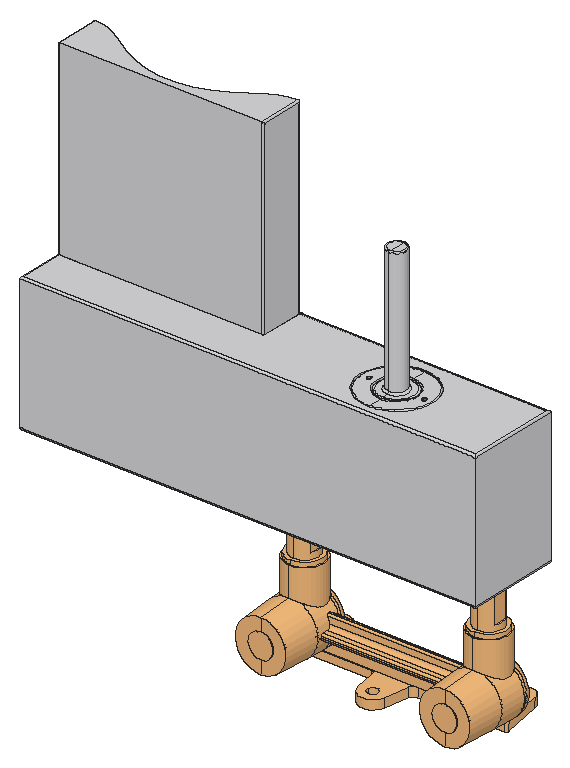
Revit family "Faucet-Wall_Mount-Lavatory-KOHLER-Beitou-K-99876IN-1", category Plumbing Fixtures, host Face, Revit 2017
Family settings
  Host = Face
  Round Connector Dimension = Use Diameter
  Part Type = Normal
  OmniClass Number = 23.31.11.00
  Cut with Voids When Loaded = No
  Shared = No
  Room Calculation Point = No
Parameters (values of type "CP- Polished Chrome")
  Width = 9 11/64"  # constant formula
  WaterSense Certified = 1 = 0  # no
  Waste Water Outlet = "Waste Water Outlet"  # constant formula
  Waste Connection = 1 = 0  # no
  Vent Connection = 1 = 0  # no
  URL = "https://www.kohler.co.in/"
  Type = 1
  Spout Reach = 0"
  Product Page URL = "https://www.kohler.co.in/product-detail/99876in-4nd?skuid=K-99876IN-4ND-CP"
  Product Name = "BEITOU"  # constant formula
  Product Documentation Link = ""
  Pressure = 45.00 psi  # constant formula
  Model = "K-99876IN-4ND-CP"  # constant formula
  Material = "Premium Metal Construction"  # constant formula
  Master Format 2014 Name = "Residential Faucets, Supplies, and Trim"  # constant formula
  Master Format 2014 = "22 41 39"  # constant formula
  Manufacturer Address = "Ambience Office Tower NH-8 Gurgaon / Gurugram Haryana , 122001"  # constant formula
  Manufacturer = "KOHLER Co."  # constant formula
  Length = 6 147/256"  # constant formula
  Hot Water Inlet = "Hot Water Inlet"  # constant formula
  Height = 1 223/256"  # constant formula
  Handle Clearance = 3 15/16"  # constant formula
  HW Connection = 1 = 1  # yes
  Flow Rate = 2.12 GPM  # constant formula
  Finish = Kohler-Metal-CP-Polished_Chrome
  Faucet Hole Spacing = 0"
  Environmental Product Declaration = ""
  Drain Included = 1 = 0  # no
  Description = " Beitou Wall Mount Lavatory Faucet"  # constant formula
  Default Elevation = 36"
  Declare Label = ""
  Date Modified = "10/29/2020"  # constant formula
  Date Created = "10/29/2020"  # constant formula
  Copyright = "Copyright KOHLER Co."  # constant formula
  Contact Us = "https://www.kohler.co.in/contact-us"
  Cold Water Inlet = "Cold Water Inlet"  # constant formula
  CW Connection = 1 = 1  # yes
  Assembly Code = "D2010"
  ADA Compliant = 1 = 0  # no
Reference planes (in)
  plane 1 "Center (Front/Back)": y = 0
  plane 2: z = 0
  plane 3 "Center (Left/Right)": x = 0
  plane 4: y = -0.90551
  plane 5: x = -6.84904
  plane 6: x = -1.85039
  plane 7: x = 1.85039
  plane 8: y = 0.1378
  plane 9: z = 6.57422
  plane 10: z = 5.31496
  plane 11: z = 2.75591
  plane 12: z = -2.04724
  plane 13: y = 0.96558
  plane 14: z = -2.61809
  plane 15: z = 1.37746
  plane 16: x = 2.32283
  plane 17: x = -2.71654
Forms (in)
  Extrusion 1, void
    sketch origin (0, 0, 0) x (1, 0, 0) y (0, 0, 1)
      loop
        arc (-2.2509, -1.63022) -> (-2.42845, -2.03715) -> (-2.26547, -2.45013) r 0.57876
        line (-2.26547, -2.45013) -> (-2.26547, -2.61809) -> (2.26643, -2.61809) -> (2.26643, -2.45013)
        arc (2.26643, -2.45013) -> (2.42941, -2.03715) -> (2.25187, -1.63022) r 0.57876
        line (2.25187, -1.63022) -> (2.25187, -0.90549) -> (2.20662, -0.90549) -> (2.20662, 0.41674) -> (-2.20552, 0.41674) -> (-2.20552, -0.90549) -> (-2.2509, -0.90549) -> (-2.2509, -1.63022)
    from -0.9409 to 0.8889
Dimensions and locks (in)
  "Width": plane 5 to plane 16
  "Height": plane 13 to plane 4
  plane 3 "Center (Left/Right)" to plane 16 = 2.32283"
  plane 4 to plane 8 = 1.04331"
  "Length": level to plane 9
  level to plane 12 = 2.04724"  (x2)
  level to plane 14 = 2.61809"  (x2)
  level to plane 10 = 5.31496"
  plane 13 to plane 4 = 1 223/256"
  "Handle Clearance": plane 10 to plane 15
  plane 5 to plane 16 = 9 11/64"
  plane 9 to level = 6 147/256"
  plane 6 to plane 7 = 3.70079"
  plane 16 to plane 3 "Center (Left/Right)" = 2.32283"
  plane 5 to plane 17 = 4.1325"
  level to plane 11 = 2.75591"
  aligned and locked: plane 2 to host face
  aligned and locked: level to host face
  aligned and locked: nested 1 to plane 1 "Center (Front/Back)"
  aligned and locked: plane 3 "Center (Left/Right)" to nested 1
Automatic sketch dimensions
  host sketch curve to host sketch curve = 96"  (x2)
  Extrusion 1 sketch curve to plane 14 = 0"
  plane 6 to Extrusion 1 sketch curve = 0.41507"
  plane 6 to Extrusion 1 sketch curve = 0.40051"
  plane 6 to Extrusion 1 sketch curve = 0.35513"
  Extrusion 1 sketch curve to plane 6 = 0.00062"
  Extrusion 1 sketch curve to plane 7 = 0.00034"
  plane 16 to Extrusion 1 sketch curve = 0.11622"
  plane 16 to Extrusion 1 sketch curve = 0.07097"
  plane 16 to Extrusion 1 sketch curve = 0.05641"
  plane 14 to Extrusion 1 sketch curve = 43/256"  (x2)
  plane 12 to Extrusion 1 sketch curve = 0.00018"  (x2)
  Extrusion 1 sketch curve to Extrusion 1 sketch curve = 0.72472"  (x2)
  level to Extrusion 1 sketch curve = 0.41674"
Nested families (in)
  nested 1: "K-99876IN" at (0, 0, 0) x (1, 0, 0) z (0, 1, 0), type "K-99876IN"
Connectors (in)
  piping at (-1.85039, -1.10568, -2.04724), diameter 0.5, driven by "Flow Rate", driven by "Pressure", driven by "HW Connection", driven by "Hot Water Inlet"
    settings: on nested 1, index 1, connector inside diameter 24", connector length 0", flow factor 0, pipe flow 2.12 GPM, pressure drop 45.00 psi, fitting loss kfactor 0, connector angle 0.00°, fixture units 0, engagement length 0", angle of deflection 0.00°, flow configuration 1, flow direction 1, fitting loss method 4, system type 19, joint type 0, gender type 0, connector reference index -1, connector utility 1, adjustable connector no, is connector primary yes, connector description "Hot Water Inlet"
  piping at (1.85039, -1.10568, -2.04724), diameter 0.5, driven by "Flow Rate", driven by "Pressure", driven by "CW Connection", driven by "Cold Water Inlet"
    settings: on nested 1, index 2, connector inside diameter 24", connector length 0", flow factor 0, pipe flow 2.12 GPM, pressure drop 45.00 psi, fitting loss kfactor 0, connector angle 0.00°, fixture units 0, engagement length 0", angle of deflection 0.00°, flow configuration 1, flow direction 1, fitting loss method 4, system type 20, joint type 0, gender type 0, connector reference index -1, connector utility 1, adjustable connector no, is connector primary no, connector description "Cold Water Inlet"
Definition of nested family "K-99876IN"
  Parameters (values of type "K-99876IN")
    Material = none
    Default Elevation = 48"
  Reference planes (in)
    plane 1 "Center (Front/Back)": y = 0
    plane 2: z = 0
    plane 3 "Center (Left/Right)": x = 0
    plane 4: y = -6.5748
    plane 5: y = -2.75591
    plane 6: y = -5.31496
    plane 7: y = 2.04724
    plane 8: x = 2.32283
    plane 9: x = -6.85039
    plane 10: x = -1.85039
    plane 11: x = 1.85039
    plane 12: z = -0.90551
    plane 13: z = 0.1378
    plane 14: z = 0
    plane 15: z = 0.96457
    plane 16: y = 2.61809
    plane 17: y = -1.378
    plane 18: x = -2.71654
  Forms (in)
    Extrusion 1, solid, material <- "Material", detail levels medium+fine
      sketch origin (0, 0, 0) x (1, 0, 0) y (0, 0, 1)
        loop
          line (2.28346, 0.9252) -> (-2.67717, 0.9252) -> (-2.67717, 0.04331) -> (-6.81102, 0.04331) -> (-6.81102, -0.86614) -> (2.28346, -0.86614) -> (2.28346, 0.9252)
      from 0 to 2.75591
    Sweep 2, solid, material <- "Material", detail levels medium+fine
      path origin (0, 0, 0) x (1, 0, 0) y (0, 0, 1)
        loop
          line (-2.67717, 0.9252) -> (-2.67717, 0.04331) -> (-6.81102, 0.04331) -> (-6.81102, -0.86614) -> (2.28346, -0.86614) -> (2.28346, 0.9252) -> (-2.67717, 0.9252)
      profile origin (2.28346, 0, 0.02953) x (0, -1, 0) y (1, 0, 0)
        loop
          arc (0.03934, 0.03937) -> (0.01151, 0.02784) -> (0, 0) r 0.03934
          line (0, 0) -> (2.75591, 0)
          arc (2.75591, 0) -> (2.74441, 0.02784) -> (2.7166, 0.03937) r 0.03931
          line (2.7166, 0.03937) -> (0.03934, 0.03937)
    Extrusion 3, void
      sketch origin (0, 0, 0) x (1, 0, 0) y (0, 0, 1)
        loop
          circle (-0.00248, -0.00053) r 0.73082
      from 2.48031 to 5.68054
    Revolve 4, solid, material <- "Material", detail levels medium+fine
      sketch origin (0, 0, 0) x (0, 1, 0) y (0, 0, 1)
        loop
          line (-5.31496, 0) -> (-2.71654, 0) -> (-2.71654, 0.41367) -> (-2.74219, 0.38801)
          arc (-2.74219, 0.38801) -> (-2.75234, 0.37282) -> (-2.75591, 0.3549) r 0.04683
          line (-2.75591, 0.3549) -> (-2.75591, 0.2276)
          arc (-2.75591, 0.2276) -> (-2.76722, 0.20029) -> (-2.79453, 0.18898) r 0.03862
          line (-2.79453, 0.18898) -> (-5.29469, 0.18898)
          arc (-5.29469, 0.18898) -> (-5.30902, 0.18304) -> (-5.31496, 0.16871) r 0.02027
          line (-5.31496, 0.16871) -> (-5.31496, 0)
        axis (-5.31496, 0) -> (-2.71654, 0)
      angle from 0 to 360
    Revolve 5, solid, material <- "Material", detail levels medium+fine
      sketch origin (0, 0, 0) x (0, 1, 0) y (0, 0, 1)
        loop
          line (-2.6901, 0.43837) -> (-2.6901, 0.72493) -> (-2.73282, 0.72493)
          arc (-2.73282, 0.72493) -> (-2.74914, 0.71816) -> (-2.75591, 0.70184) r 0.02308
          line (-2.75591, 0.70184) -> (-2.75591, 0.40999)
          arc (-2.75591, 0.40999) -> (-2.74634, 0.39566) -> (-2.72944, 0.39902) r 0.0155
          line (-2.72944, 0.39902) -> (-2.6901, 0.43837)
        axis (-2.75591, 0) -> (-2.6901, 0)
      angle from 0 to 360
    Extrusion 6, void
      sketch origin (0, 0, 0) x (1, 0, 0) y (0, 0, 1)
        loop
          circle (-0.55799, -0.00003) r 0.04149
      from 2.48031 to 3.02697
    Extrusion 7, solid, detail levels medium+fine
      sketch origin (0, 0, 0) x (1, 0, 0) y (0, 0, 1)
        loop
          circle (-0.55799, -0.00003) r 0.03989
      from 2.48031 to 2.75591
    Extrusion 8, void
      sketch origin (0, 0, 0) x (-1, 0, 0) y (0, 0, -1)
        loop
          circle (-0.55799, 0.00003) r 0.04149
      from 2.48031 to 3.02697
    Extrusion 9, solid, detail levels medium+fine
      sketch origin (0, 0, 0) x (-1, 0, 0) y (0, 0, -1)
        loop
          circle (-0.55799, 0.00003) r 0.03989
      from 2.48031 to 2.75591
    Extrusion 10, solid, material <- "Material", detail levels medium+fine
      sketch origin (0, 0, 0) x (0, 1, 0) y (0, 0, 1)
        loop
          line (-0.03937, 0.9252) -> (-6.53543, 0.9252) -> (-6.53543, 0.08268) -> (-0.03937, 0.08268) -> (-0.03937, 0.9252)
      from -6.85039 to -2.71654
    Sweep 11, solid, material <- "Material", detail levels medium+fine
      path origin (0, 0, 0) x (0, 1, 0) y (0, 0, 1)
        loop
          line (-6.53543, 0.9252) -> (-6.53543, 0.08268) -> (-0.03937, 0.08268) -> (-0.03937, 0.9252) -> (-6.53543, 0.9252)
      profile origin (0, -6.53543, 0.08268) x (0, -1, 0) y (1, 0, 0)
        loop
          line (0, -2.71654) -> (0, -6.85039)
          arc (0, -6.85039) -> (0.02784, -6.83887) -> (0.03937, -6.81103) r 0.03937
          line (0.03937, -6.81103) -> (0.03937, -2.75606)
          arc (0.03937, -2.75606) -> (0.02785, -2.72817) -> (0, -2.71654) r 0.03952
    Extrusion 12, void
      sketch origin (0, 0.01285, 0.0689) x (1, 0, 0) y (0, -0.017452, 0.999848)
        loop
          arc (-5.25292, 0.28987) -> (-4.78127, 0.23404) -> (-4.30962, 0.28987) r 2.02006
          arc (-4.30962, 0.28987) -> (-4.02272, 0.38385) -> (-3.75471, 0.52283) r 1.86779
          arc (-3.75471, 0.52283) -> (-3.4982, 0.68437) -> (-3.24259, 0.84733) r 54.96959
          arc (-3.24259, 0.84733) -> (-2.97394, 0.96657) -> (-2.68188, 0.99959) r 0.96696
          line (-2.68188, 0.99959) -> (-2.68188, 1.39329) -> (-6.90568, 1.39329) -> (-6.90568, 1.00077)
          arc (-6.90568, 1.00077) -> (-6.65772, 0.98084) -> (-6.42323, 0.8978) r 0.95881
          arc (-6.42323, 0.8978) -> (-6.30889, 0.83569) -> (-6.19808, 0.76747) r 2.39798
          arc (-6.19808, 0.76747) -> (-6.01254, 0.64759) -> (-5.82571, 0.52972) r 20.51443
          arc (-5.82571, 0.52972) -> (-5.54898, 0.3867) -> (-5.25292, 0.28987) r 1.93805
      from 0.86609 to 7.01633
    Extrusion 13, solid, material <- "Material", detail levels medium+fine
      sketch origin (0, 0, 0) x (1, 0, 0) y (0, 1, 0)
        loop
          line (-5.96457, -0.03937) -> (-5.96457, -1.04175)
          arc (-5.96457, -1.04175) -> (-5.80844, -1.41867) -> (-5.43151, -1.5748) r 0.53306
          line (-5.43151, -1.5748) -> (-4.14821, -1.5748)
          arc (-4.14821, -1.5748) -> (-3.76224, -1.41493) -> (-3.60236, -1.02895) r 0.54585
          line (-3.60236, -1.02895) -> (-3.60236, -0.03937) -> (-5.96457, -0.03937)
      from 0.83465 to 0.96457
    Extrusion 14, solid, material <- "Material", detail levels medium+fine
      sketch origin (0, 0, 0) x (1, 0, 0) y (0, 1, 0)
        loop
          arc (-5.19122, -1.45089) -> (-4.7767, -1.48122) -> (-4.36219, -1.45089) r 2.84822
          arc (-4.36219, -1.45089) -> (-3.94379, -1.30922) -> (-3.60236, -1.02895) r 1.23079
          line (-3.60236, -1.02895) -> (-3.60236, -0.86609) -> (-5.96457, -0.86609) -> (-5.96457, -1.04175)
          arc (-5.96457, -1.04175) -> (-5.61307, -1.31281) -> (-5.19122, -1.45089) r 1.30965
      from 0.16142 to 0.83465
    Extrusion 15, void
      sketch origin (0, 0, 0) x (1, 0, 0) y (0, 0, 1)
        loop
          line (-3.95671, 0.12472) -> (-3.95671, 0.41143)
          arc (-3.95671, 0.41143) -> (-3.94594, 0.42365) -> (-3.93588, 0.43647) r 0.28548
          line (-3.93588, 0.43647) -> (-4.06299, 0.43647) -> (-4.06299, 0.16221) -> (-4.09449, 0.16221) -> (-4.09449, 0.43647) -> (-4.24016, 0.43647) -> (-4.24016, 0.181) -> (-4.27165, 0.181) -> (-4.27165, 0.43647) -> (-4.41732, 0.43647) -> (-4.41732, 0.16221) -> (-4.44882, 0.16221) -> (-4.44882, 0.43647) -> (-4.59449, 0.43647) -> (-4.59449, 0.13871) -> (-4.62598, 0.13871) -> (-4.62598, 0.43647) -> (-4.77165, 0.43647) -> (-4.77165, 0.13871) -> (-4.80315, 0.13871) -> (-4.80315, 0.43647) -> (-4.94882, 0.43647) -> (-4.94882, 0.13871) -> (-4.98031, 0.13871) -> (-4.98031, 0.43647) -> (-5.12598, 0.43647) -> (-5.12598, 0.16221) -> (-5.15748, 0.16221) -> (-5.15748, 0.43647) -> (-5.30315, 0.43647) -> (-5.30315, 0.16221) -> (-5.33465, 0.16221) -> (-5.33465, 0.43647) -> (-5.50196, 0.43647) -> (-5.50196, 0.16221) -> (-5.53346, 0.16221) -> (-5.53346, 0.43647) -> (-5.62003, 0.43647)
          arc (-5.62003, 0.43647) -> (-5.61398, 0.41419) -> (-5.61194, 0.3912) r 0.1307
          line (-5.61194, 0.3912) -> (-5.61194, 0.12472) -> (-3.95671, 0.12472)
        loop
          line (-5.50196, 0.68351) -> (-5.50196, 0.58123) -> (-5.33465, 0.58123) -> (-5.33465, 0.70427)
          arc (-5.33465, 0.70427) -> (-5.41835, 0.69428) -> (-5.50196, 0.68351) r 9.03524
        loop
          line (-5.30315, 0.70783) -> (-5.30315, 0.58123) -> (-5.15748, 0.58123) -> (-5.15748, 0.72281)
          arc (-5.15748, 0.72281) -> (-5.23035, 0.71562) -> (-5.30315, 0.70783) r 9.03524
        loop
          arc (-5.61715, 0.66263) -> (-5.6312, 0.65331) -> (-5.6378, 0.6378) r 0.02935
          arc (-5.6378, 0.6378) -> (-5.64015, 0.60956) -> (-5.64093, 0.58123) r 0.51189
          line (-5.64093, 0.58123) -> (-5.53346, 0.58123) -> (-5.53346, 0.67866)
          arc (-5.53346, 0.67866) -> (-5.57573, 0.67286) -> (-5.61715, 0.66263) r 0.40432
        loop
          arc (-3.96381, 0.67618) -> (-4.01338, 0.68296) -> (-4.06299, 0.68947) r 9.03524
          line (-4.06299, 0.68947) -> (-4.06299, 0.58123) -> (-3.881, 0.58123)
          arc (-3.881, 0.58123) -> (-3.87992, 0.60953) -> (-3.88165, 0.6378) r 0.28548
          arc (-3.88165, 0.6378) -> (-3.88825, 0.65331) -> (-3.90229, 0.66263) r 0.02935
          arc (-3.90229, 0.66263) -> (-3.93279, 0.67061) -> (-3.96381, 0.67618) r 0.40432
        loop
          line (-5.12598, 0.72554) -> (-5.12598, 0.58123) -> (-4.98031, 0.58123) -> (-4.98031, 0.73537)
          arc (-4.98031, 0.73537) -> (-5.05319, 0.73107) -> (-5.12598, 0.72554) r 4.36044
        loop
          line (-4.94882, 0.73685) -> (-4.94882, 0.58123) -> (-4.80315, 0.58123) -> (-4.80315, 0.74074)
          arc (-4.80315, 0.74074) -> (-4.876, 0.7394) -> (-4.94882, 0.73685) r 4.36044
        loop
          line (-4.77165, 0.74094) -> (-4.77165, 0.58123) -> (-4.62598, 0.58123) -> (-4.62598, 0.7389)
          arc (-4.62598, 0.7389) -> (-4.69881, 0.74053) -> (-4.77165, 0.74094) r 4.36044
        loop
          line (-4.59449, 0.73782) -> (-4.59449, 0.58123) -> (-4.44882, 0.58123) -> (-4.44882, 0.72985)
          arc (-4.44882, 0.72985) -> (-4.52162, 0.73445) -> (-4.59449, 0.73782) r 4.36044
        loop
          line (-4.41732, 0.72749) -> (-4.41732, 0.58123) -> (-4.27165, 0.58123) -> (-4.27165, 0.7138)
          arc (-4.27165, 0.7138) -> (-4.30397, 0.71713) -> (-4.3363, 0.72035) r 9.03524
          arc (-4.3363, 0.72035) -> (-4.37679, 0.72411) -> (-4.41732, 0.72749) r 4.36044
        loop
          line (-4.24016, 0.71045) -> (-4.24016, 0.58123) -> (-4.09449, 0.58123) -> (-4.09449, 0.69346)
          arc (-4.09449, 0.69346) -> (-4.16729, 0.70225) -> (-4.24016, 0.71045) r 9.03524
        loop
          arc (-5.64026, 0.55507) -> (-5.63547, 0.50668) -> (-5.62611, 0.45896) r 0.51189
          line (-5.62611, 0.45896) -> (-5.53346, 0.45896) -> (-5.53346, 0.55507) -> (-5.64026, 0.55507)
        loop
          line (-5.50196, 0.55507) -> (-5.50196, 0.45896) -> (-5.33465, 0.45896) -> (-5.33465, 0.55507) -> (-5.50196, 0.55507)
        loop
          line (-5.30315, 0.45896) -> (-5.15748, 0.45896) -> (-5.15748, 0.55507) -> (-5.30315, 0.55507) -> (-5.30315, 0.45896)
        loop
          line (-5.12598, 0.55507) -> (-5.12598, 0.45896) -> (-4.98031, 0.45896) -> (-4.98031, 0.55507) -> (-5.12598, 0.55507)
        loop
          line (-4.94882, 0.55507) -> (-4.94882, 0.45896) -> (-4.80315, 0.45896) -> (-4.80315, 0.55507) -> (-4.94882, 0.55507)
        loop
          line (-4.77165, 0.55507) -> (-4.77165, 0.45896) -> (-4.62598, 0.45896) -> (-4.62598, 0.55507) -> (-4.77165, 0.55507)
        loop
          line (-4.59449, 0.55507) -> (-4.59449, 0.45896) -> (-4.44882, 0.45896) -> (-4.44882, 0.55507) -> (-4.59449, 0.55507)
        loop
          line (-4.41732, 0.55507) -> (-4.41732, 0.45896) -> (-4.27165, 0.45896) -> (-4.27165, 0.55507) -> (-4.41732, 0.55507)
        loop
          line (-4.24016, 0.55507) -> (-4.24016, 0.45896) -> (-4.09449, 0.45896) -> (-4.09449, 0.55507) -> (-4.24016, 0.55507)
        loop
          line (-4.06299, 0.45896) -> (-3.92083, 0.45896)
          arc (-3.92083, 0.45896) -> (-3.89832, 0.50537) -> (-3.88453, 0.55507) r 0.28548
          line (-3.88453, 0.55507) -> (-4.06299, 0.55507) -> (-4.06299, 0.45896)
      from 0.6043 to 1.91537
    Revolve 16, solid, detail levels medium+fine
      sketch origin (1.85094, 0, -0.0018) x (0, 1, 0) y (0, 0, 1)
        loop
          line (-0.1575, 0.00181) -> (2.10672, 0.00181) -> (2.10672, 0.39567) -> (0.90549, 0.39567) -> (0.90549, 0.35748) -> (0.82675, 0.35748) -> (0.82675, 0.27743) -> (-0.1575, 0.27743) -> (-0.1575, 0.00181)
        axis (2.10672, 0.00181) -> (-0.1575, 0.00181)
      angle from 0 to 360
    Revolve 17, solid, detail levels medium+fine
      sketch origin (-1.84984, 0, -0.0018) x (0, 1, 0) y (0, 0, 1)
        loop
          line (-0.1575, 0.00181) -> (2.10672, 0.00181) -> (2.10672, 0.39567) -> (0.90549, 0.39567) -> (0.90549, 0.35748) -> (0.82675, 0.35748) -> (0.82675, 0.27743) -> (-0.1575, 0.27743) -> (-0.1575, 0.00181)
        axis (2.10672, 0.00181) -> (-0.1575, 0.00181)
      angle from 0 to 360
    Revolve 18, solid, detail levels medium+fine
      sketch origin (1.8504, 0, -0.0018) x (0, 1, 0) y (0, 0, 1)
        loop
          line (2.56133, -1.10388) -> (2.60034, -0.35948)
          arc (2.60034, -0.35948) -> (2.61111, -0.08552) -> (2.6147, 0.18864) r 10.47311
          line (2.6147, 0.18864) -> (2.6147, 0.24013)
          arc (2.6147, 0.24013) -> (2.56837, 0.35197) -> (2.45652, 0.3983) r 0.15817
          line (2.45652, 0.3983) -> (2.04743, 0.3983) -> (2.04743, -1.10388) -> (2.56133, -1.10388)
        axis (2.04743, 0.3983) -> (2.04743, -1.10388)
      angle from 0 to 360
    Revolve 19, solid, detail levels medium+fine
      sketch origin (-1.84978, 0, -0.0018) x (0, 1, 0) y (0, 0, 1)
        loop
          line (2.56133, -1.10388) -> (2.60034, -0.35948)
          arc (2.60034, -0.35948) -> (2.61111, -0.08552) -> (2.6147, 0.18864) r 10.47311
          line (2.6147, 0.18864) -> (2.6147, 0.24013)
          arc (2.6147, 0.24013) -> (2.56837, 0.35197) -> (2.45652, 0.3983) r 0.15817
          line (2.45652, 0.3983) -> (2.04743, 0.3983) -> (2.04743, -1.10388) -> (2.56133, -1.10388)
        axis (2.04743, 0.3983) -> (2.04743, -1.10388)
      angle from 0 to 360
    Extrusion 20, solid, detail levels medium+fine
      sketch origin (0, 0, -0.0018) x (0, 1, 0) y (0, 0, 1)
        loop
          line (1.98817, 0.25836) -> (1.98817, 0.13835)
          arc (1.98817, 0.13835) -> (1.96526, 0.08303) -> (1.90994, 0.06011) r 0.07823
          line (1.90994, 0.06011) -> (1.79187, 0.06011)
          arc (1.79187, 0.06011) -> (1.76364, 0.04842) -> (1.75195, 0.02019) r 0.03992
          line (1.75195, 0.02019) -> (1.75195, -0.01877)
          arc (1.75195, -0.01877) -> (1.7636, -0.04689) -> (1.79172, -0.05853) r 0.03977
          line (1.79172, -0.05853) -> (1.91122, -0.05853)
          arc (1.91122, -0.05853) -> (1.96563, -0.08107) -> (1.98817, -0.13549) r 0.07695
          line (1.98817, -0.13549) -> (1.98817, -0.25378)
          arc (1.98817, -0.25378) -> (2.0002, -0.28283) -> (2.02925, -0.29486) r 0.04109
          line (2.02925, -0.29486) -> (2.06537, -0.29486)
          arc (2.06537, -0.29486) -> (2.0943, -0.28288) -> (2.10628, -0.25396) r 0.04091
          line (2.10628, -0.25396) -> (2.10628, -0.13525)
          arc (2.10628, -0.13525) -> (2.12875, -0.081) -> (2.183, -0.05853) r 0.07672
          line (2.183, -0.05853) -> (2.44093, -0.05853) -> (2.44093, 0.05247) -> (2.18266, 0.05247)
          arc (2.18266, 0.05247) -> (2.12865, 0.07484) -> (2.10628, 0.12884) r 0.07638
          line (2.10628, 0.12884) -> (2.10628, 0.25672)
          arc (2.10628, 0.25672) -> (2.09463, 0.28485) -> (2.0665, 0.2965) r 0.03978
          line (2.0665, 0.2965) -> (2.02632, 0.2965)
          arc (2.02632, 0.2965) -> (1.99934, 0.28533) -> (1.98817, 0.25836) r 0.03815
      from -1.86637 to 1.86011
    Extrusion 21, solid, detail levels medium+fine
      sketch origin (0, 0, -0.0018) x (1, 0, 0) y (0, 0, 1)
        loop
          line (2.26569, -0.00255) -> (2.11926, 0.83265)
          arc (2.11926, 0.83265) -> (1.85197, 1.05737) -> (1.58426, 0.83318) r 0.27163
          line (1.58426, 0.83318) -> (1.46591, 0.16583)
          arc (1.46591, 0.16583) -> (1.41891, 0.08456) -> (1.33068, 0.05247) r 0.13735
          line (1.33068, 0.05247) -> (-1.33899, 0.05247)
          arc (-1.33899, 0.05247) -> (-1.4213, 0.0824) -> (-1.46515, 0.15823) r 0.12813
          line (-1.46515, 0.15823) -> (-1.58484, 0.83318)
          arc (-1.58484, 0.83318) -> (-1.85256, 1.05737) -> (-2.11984, 0.83265) r 0.27163
          line (-2.11984, 0.83265) -> (-2.26547, 0.00203)
          arc (-2.26547, 0.00203) -> (-2.25377, -0.04149) -> (-2.21293, -0.06052) r 0.05334
          line (-2.21293, -0.06052) -> (-0.46581, -0.06052)
          arc (-0.46581, -0.06052) -> (-0.39149, -0.08759) -> (-0.35199, -0.15612) r 0.11556
          line (-0.35199, -0.15612) -> (-0.26762, -0.63737)
          arc (-0.26762, -0.63737) -> (-0.00029, -0.86213) -> (0.26747, -0.63789) r 0.27167
          line (0.26747, -0.63789) -> (0.35245, -0.15868)
          arc (0.35245, -0.15868) -> (0.39315, -0.08831) -> (0.46955, -0.06052) r 0.11893
          line (0.46955, -0.06052) -> (2.217, -0.06052)
          arc (2.217, -0.06052) -> (2.25485, -0.04288) -> (2.26569, -0.00255) r 0.04943
        loop
          circle (1.85171, 0.78575) r 0.10895
        loop
          circle (-0.00003, -0.59046) r 0.10813
        loop
          circle (-1.8523, 0.78575) r 0.11072
      from -2.61809 to -2.44093
    Extrusion 22, void
      sketch origin (0, 0, -0.0018) x (1, 0, 0) y (0, 1, 0)
        loop
          line (-1.61427, 0.1188) -> (-1.49936, 0.1188) -> (-1.49936, 0.70935) -> (-1.61427, 0.70935) -> (-1.61427, 0.1188)
      from -0.76036 to 0.83465
    Extrusion 23, void
      sketch origin (-3.69969, 0, -0.0018) x (-1, 0, 0) y (0, -1, 0)
        loop
          line (-1.61427, -0.1188) -> (-1.61427, -0.70935) -> (-1.49936, -0.70935) -> (-1.49936, -0.1188) -> (-1.61427, -0.1188)
      from -0.76036 to 0.83465
    Extrusion 24, void
      sketch origin (0.00106, 0, -0.0018) x (-1, 0, 0) y (0, -1, 0)
        loop
          line (-1.61427, -0.1188) -> (-1.61427, -0.70935) -> (-1.49936, -0.70935) -> (-1.49936, -0.1188) -> (-1.61427, -0.1188)
      from -0.76036 to 0.83465
    Extrusion 25, void
      sketch origin (3.70075, 0, -0.0018) x (1, 0, 0) y (0, 1, 0)
        loop
          line (-1.61427, 0.1188) -> (-1.49936, 0.1188) -> (-1.49936, 0.70935) -> (-1.61427, 0.70935) -> (-1.61427, 0.1188)
      from -0.76036 to 0.83465
    Extrusion 26, solid, material <- "Material", detail levels coarse
      sketch origin (0, 0, 0) x (0, 1, 0) y (0, 0, 1)
        loop
          line (0, 0.96457) -> (-2.75591, 0.96457) -> (-2.75591, -0.90551) -> (0, -0.90551) -> (0, 0.96457)
      from -6.85039 to 2.32283
    Extrusion 27, solid, material <- "Material", detail levels coarse
      sketch origin (0, 0, 0) x (1, 0, 0) y (0, 0, 1)
        loop
          line (-6.85039, 0.04331) -> (-2.71654, 0.04331) -> (-2.71654, 0.96457) -> (-6.85039, 0.96457) -> (-6.85039, 0.04331)
      from 0 to 6.5748
    Extrusion 28, solid, material <- "Material", detail levels coarse
      sketch origin (0, 0, 0) x (1, 0, 0) y (0, 0, 1)
        loop
          circle (-0.00248, -0.00053) r 0.19685
      from 1.89981 to 5.31522
    Revolve 29, solid, detail levels coarse
      sketch origin (1.85094, 0, 0) x (0, 1, 0) y (0, 0, 1)
        loop
          line (-0.1575, 0) -> (2.10672, 0) -> (2.10672, 0.39387) -> (0.82675, 0.39387) -> (0.82675, 0.27563) -> (-0.1575, 0.27563) -> (-0.1575, 0)
        axis (2.10672, 0) -> (-0.1575, 0)
      angle from 0 to 360
    Revolve 30, solid, detail levels coarse
      sketch origin (-1.84984, 0, 0) x (0, 1, 0) y (0, 0, 1)
        loop
          line (-0.1575, 0) -> (2.10672, 0) -> (2.10672, 0.39387) -> (0.82675, 0.39387) -> (0.82675, 0.27563) -> (-0.1575, 0.27563) -> (-0.1575, 0)
        axis (2.10672, 0) -> (-0.1575, 0)
      angle from 0 to 360
    Revolve 31, solid, detail levels coarse
      sketch origin (-1.83968, 0, 0) x (0, 1, 0) y (0, 0, 1)
        loop
          line (2.56133, -1.10568) -> (2.60893, -0.19735)
          arc (2.60893, -0.19735) -> (2.61326, -0.08737) -> (2.6147, 0.02268) r 4.20423
          line (2.6147, 0.02268) -> (2.6147, 0.3965) -> (2.04743, 0.3965) -> (2.04743, -1.10568) -> (2.56133, -1.10568)
        axis (2.04743, 0.3965) -> (2.04743, -1.10568)
      angle from 0 to 360
    Revolve 32, solid, detail levels coarse
      sketch origin (1.85126, 0, 0) x (0, 1, 0) y (0, 0, 1)
        loop
          line (2.56133, -1.10568) -> (2.60893, -0.19735)
          arc (2.60893, -0.19735) -> (2.61326, -0.08737) -> (2.6147, 0.02268) r 4.20423
          line (2.6147, 0.02268) -> (2.6147, 0.3965) -> (2.04743, 0.3965) -> (2.04743, -1.10568) -> (2.56133, -1.10568)
        axis (2.04743, 0.3965) -> (2.04743, -1.10568)
      angle from 0 to 360
    Extrusion 33, solid, detail levels coarse
      sketch origin (0, 0, 0) x (1, 0, 0) y (0, 0, 1)
        loop
          line (2.27585, -0.06232) -> (2.08526, 1.02475) -> (1.61855, 1.02475) -> (1.44581, 0.05066) -> (-1.4464, 0.05066) -> (-1.61913, 1.02475) -> (-2.08585, 1.02475) -> (-2.27643, -0.06232) -> (-0.36875, -0.06232) -> (-0.23354, -0.83352) -> (0.2331, -0.83352) -> (0.36986, -0.06232) -> (2.27585, -0.06232)
        loop
          circle (1.85171, 0.78395) r 0.10895
        loop
          circle (-0.00003, -0.59226) r 0.10813
        loop
          circle (-1.8523, 0.78395) r 0.11072
      from -2.61809 to -2.44093
    Extrusion 34, solid, detail levels coarse
      sketch origin (0, 0, 0) x (0, 1, 0) y (0, 0, 1)
        loop
          line (1.98817, 0.2947) -> (1.98817, 0.05831) -> (1.75195, 0.05831) -> (1.75195, -0.06034) -> (1.98817, -0.06034) -> (1.98817, -0.29667) -> (2.10628, -0.29667) -> (2.10628, -0.06034) -> (2.44093, -0.06034) -> (2.44093, 0.05066) -> (2.10628, 0.05066) -> (2.10628, 0.2947) -> (1.98817, 0.2947)
      from -1.70278 to 2.08648
    Extrusion 35, solid, detail levels medium+fine
      sketch origin (0, 0, 0) x (1, 0, 0) y (0, 1, 0)
        loop
          circle (-1.85039, 2.04724) r 0.25
        loop
          circle (1.85039, 2.04724) r 0.25
      from -1.10568 to -0.97868
  Cuts and joins
    Extrusion 3, Extrusion 6, Extrusion 8, Extrusion 12 cuts Extrusion 1
    Extrusion 3, Extrusion 6, Extrusion 8 cuts Sweep 2
    joined: Extrusion 1, Sweep 2
    Extrusion 6, Extrusion 8 cuts Revolve 5
    Extrusion 12 cuts Extrusion 10
    Extrusion 12 cuts Sweep 11
    joined: Extrusion 10, Sweep 11, Extrusion 13
    Extrusion 15 cuts Extrusion 14
    Extrusion 22, Extrusion 23 cuts Revolve 17
    Extrusion 24, Extrusion 25 cuts Revolve 16
    Extrusion 12 cuts Extrusion 26
    Extrusion 12 cuts Extrusion 27
    joined: Extrusion 26, Extrusion 27, Extrusion 28
    joined: Extrusion 33, Extrusion 34
  Lines and regions (in)
    Masking region 1
      outline origin (0, 0, 0) x (0, 1, 0) y (0, 0, 1)
        loop
          line (2.59574, 1.05557) -> (2.46337, 1.05557)
          arc (2.46337, 1.05557) -> (2.4475, 1.049) -> (2.44093, 1.03313) r 0.02244
          line (2.44093, 1.03313) -> (2.44093, 0.48473)
          arc (2.44093, 0.48473) -> (2.41511, 0.42239) -> (2.35277, 0.39657) r 0.08816
          line (2.35277, 0.39657) -> (0.90549, 0.39657) -> (0.90549, 0.35568) -> (0.82675, 0.35568) -> (0.82675, 0.27563) -> (0, 0.27563) -> (0, -0.27563) -> (0.82675, -0.27563) -> (0.82675, -0.35568) -> (0.90549, -0.35568) -> (0.90549, -0.39387) -> (1.30941, -0.39387)
          arc (1.30941, -0.39387) -> (1.44491, -0.44793) -> (1.50599, -0.58041) r 0.19685
          line (1.50599, -0.58041) -> (1.53352, -1.10568) -> (2.56133, -1.10568) -> (2.574, -0.86393) -> (2.61809, -0.86393) -> (2.61809, 1.03322)
          arc (2.61809, 1.03322) -> (2.61154, 1.04902) -> (2.59574, 1.05557) r 0.02235
    Masking region 2
      outline origin (0, 0, 0) x (0, 1, 0) y (0, 0, 1)
        loop
          line (-0.0374, 0.96457) -> (-6.5374, 0.96457)
          arc (-6.5374, 0.96457) -> (-6.56385, 0.95361) -> (-6.5748, 0.92717) r 0.0374
          line (-6.5748, 0.92717) -> (-6.5748, 0.08071)
          arc (-6.5748, 0.08071) -> (-6.56385, 0.05426) -> (-6.5374, 0.04331) r 0.0374
          line (-6.5374, 0.04331) -> (-5.31496, 0.04331) -> (-5.31496, -0.16893)
          arc (-5.31496, -0.16893) -> (-5.3091, -0.18307) -> (-5.29496, -0.18892) r 0.02
          line (-5.29496, -0.18892) -> (-2.79366, -0.18892)
          arc (-2.79366, -0.18892) -> (-2.76696, -0.19998) -> (-2.75591, -0.22668) r 0.03775
          line (-2.75591, -0.22668) -> (-2.75591, -0.86809)
          arc (-2.75591, -0.86809) -> (-2.74495, -0.89455) -> (-2.71849, -0.90551) r 0.03742
          line (-2.71849, -0.90551) -> (-0.03723, -0.90551)
          arc (-0.03723, -0.90551) -> (-0.0109, -0.89461) -> (0, -0.86829) r 0.03723
          line (0, -0.86829) -> (0, 0.92717)
          arc (0, 0.92717) -> (-0.01095, 0.95361) -> (-0.0374, 0.96457) r 0.0374
    Masking region 3
      outline origin (0, 0, 0) x (1, 0, 0) y (0, 0, 1)
        loop
          arc (-2.71654, 0.92504) -> (-2.72811, 0.95299) -> (-2.75606, 0.96457) r 0.03952
          line (-2.75606, 0.96457) -> (-3.57874, 0.96457)
          arc (-3.57874, 0.96457) -> (-3.59544, 0.95765) -> (-3.60236, 0.94094) r 0.02362
          arc (-3.60236, 0.94094) -> (-3.60928, 0.95765) -> (-3.62598, 0.96457) r 0.02362
          line (-3.62598, 0.96457) -> (-5.94094, 0.96457)
          arc (-5.94094, 0.96457) -> (-5.95765, 0.95765) -> (-5.96457, 0.94094) r 0.02362
          arc (-5.96457, 0.94094) -> (-5.97149, 0.95765) -> (-5.98819, 0.96457) r 0.02362
          line (-5.98819, 0.96457) -> (-6.81299, 0.96457)
          arc (-6.81299, 0.96457) -> (-6.83944, 0.95361) -> (-6.85039, 0.92717) r 0.0374
          line (-6.85039, 0.92717) -> (-6.85039, -0.86811)
          arc (-6.85039, -0.86811) -> (-6.83944, -0.89456) -> (-6.81299, -0.90551) r 0.0374
          line (-6.81299, -0.90551) -> (2.28543, -0.90551)
          arc (2.28543, -0.90551) -> (2.31188, -0.89456) -> (2.32283, -0.86811) r 0.0374
          line (2.32283, -0.86811) -> (2.32283, 0.92717)
          arc (2.32283, 0.92717) -> (2.31188, 0.95361) -> (2.28543, 0.96457) r 0.0374
          line (2.28543, 0.96457) -> (-2.67913, 0.96457)
          arc (-2.67913, 0.96457) -> (-2.70558, 0.95361) -> (-2.71654, 0.92717) r 0.0374
    Masking region 4, detail levels medium+fine
      outline origin (0, 0, 0) x (1, 0, 0) y (0, 1, 0)
        loop
          arc (-2.24281, 2.61809) -> (-2.2594, 2.61122) -> (-2.26627, 2.59463) r 0.02346
          line (-2.26627, 2.59463) -> (-2.26627, 2.47266)
          arc (-2.26627, 2.47266) -> (-2.26337, 2.45749) -> (-2.25508, 2.44446) r 0.04113
          arc (-2.25508, 2.44446) -> (-2.41708, 2.06787) -> (-2.28288, 1.68049) r 0.56706
          arc (-2.28288, 1.68049) -> (-2.25381, 1.63059) -> (-2.24371, 1.57373) r 0.16508
          line (-2.24371, 1.57373) -> (-2.24371, 0.90549) -> (-2.20552, 0.90549) -> (-2.20552, 0.82675) -> (-2.12547, 0.82675) -> (-2.12547, 0.70935) -> (-2.08542, 0.70935) -> (-2.08542, 0.1188) -> (-2.12547, 0.1188) -> (-2.12547, 0) -> (-1.57532, 0) -> (-1.57532, 0.1188) -> (-1.61537, 0.1188) -> (-1.61537, 0.70935) -> (-1.57532, 0.70935) -> (-1.57532, 0.82675) -> (-1.49527, 0.82675) -> (-1.49527, 0.90549) -> (-1.45708, 0.90549) -> (-1.45708, 1.58056)
          arc (-1.45708, 1.58056) -> (-1.44787, 1.6317) -> (-1.42139, 1.67642) r 0.14659
          arc (-1.42139, 1.67642) -> (-1.39228, 1.71305) -> (-1.36628, 1.75196) r 0.56706
          line (-1.36628, 1.75196) -> (1.36628, 1.75196)
          arc (1.36628, 1.75196) -> (1.39228, 1.71305) -> (1.42139, 1.67642) r 0.56706
          arc (1.42139, 1.67642) -> (1.44787, 1.6317) -> (1.45708, 1.58056) r 0.14659
          line (1.45708, 1.58056) -> (1.45708, 0.90549) -> (1.49527, 0.90549) -> (1.49527, 0.82675) -> (1.57532, 0.82675) -> (1.57532, 0.70935) -> (1.61537, 0.70935) -> (1.61537, 0.1188) -> (1.57532, 0.1188) -> (1.57532, 0) -> (2.12547, 0) -> (2.12547, 0.1188) -> (2.08542, 0.1188) -> (2.08542, 0.70935) -> (2.12547, 0.70935) -> (2.12547, 0.82675) -> (2.20552, 0.82675) -> (2.20552, 0.90549) -> (2.24371, 0.90549) -> (2.24371, 1.57373)
          arc (2.24371, 1.57373) -> (2.25381, 1.63059) -> (2.28288, 1.68049) r 0.16508
          arc (2.28288, 1.68049) -> (2.41708, 2.06787) -> (2.25508, 2.44446) r 0.56706
          arc (2.25508, 2.44446) -> (2.26337, 2.45749) -> (2.26643, 2.47266) r 0.04113
          line (2.26643, 2.47266) -> (2.26643, 2.59447)
          arc (2.26643, 2.59447) -> (2.25951, 2.61117) -> (2.24281, 2.61809) r 0.02362
          line (2.24281, 2.61809) -> (-2.24281, 2.61809)
    Masking region 5
      outline origin (0, 0, 0) x (1, 0, 0) y (0, 1, 0)
        loop
          line (-6.85039, -0.0374) -> (-6.85039, -6.5374)
          arc (-6.85039, -6.5374) -> (-6.83944, -6.56385) -> (-6.81299, -6.5748) r 0.0374
          line (-6.81299, -6.5748) -> (-2.75394, -6.5748)
          arc (-2.75394, -6.5748) -> (-2.72749, -6.56385) -> (-2.71654, -6.5374) r 0.0374
          line (-2.71654, -6.5374) -> (-2.71654, -2.79331)
          arc (-2.71654, -2.79331) -> (-2.70558, -2.76686) -> (-2.67913, -2.75591) r 0.0374
          line (-2.67913, -2.75591) -> (-0.22708, -2.75591)
          arc (-0.22708, -2.75591) -> (-0.20014, -2.76706) -> (-0.18898, -2.79401) r 0.0381
          line (-0.18898, -2.79401) -> (-0.18898, -5.29506)
          arc (-0.18898, -5.29506) -> (-0.18315, -5.30913) -> (-0.16908, -5.31496) r 0.0199
          line (-0.16908, -5.31496) -> (0.16903, -5.31496)
          arc (0.16903, -5.31496) -> (0.18314, -5.30912) -> (0.18898, -5.29501) r 0.01995
          line (0.18898, -5.29501) -> (0.18898, -2.79478)
          arc (0.18898, -2.79478) -> (0.20037, -2.76729) -> (0.22786, -2.75591) r 0.03888
          line (0.22786, -2.75591) -> (2.28543, -2.75591)
          arc (2.28543, -2.75591) -> (2.31188, -2.74495) -> (2.32283, -2.7185) r 0.0374
          line (2.32283, -2.7185) -> (2.32283, -0.0375)
          arc (2.32283, -0.0375) -> (2.31185, -0.01098) -> (2.28533, 0) r 0.0375
          line (2.28533, 0) -> (-6.81299, 0)
          arc (-6.81299, 0) -> (-6.83944, -0.01095) -> (-6.85039, -0.0374) r 0.0374
    symbolic lines, detail levels medium+fine
      curve 1: line (0, 0.82675, 0.27563) -> (0, 0.82675, -0.27562)
      curve 2: line (0, 0.90549, 0.35568) -> (0, 0.90549, -0.35567)
      curve 3: line (0, 0.70935, -0.14302) -> (0, 0.70935, 0.14309)
      curve 4: line (0, 0.70935, 0.14309) -> (0, 0.1188, 0.14309)
      curve 5: line (0, 0.1188, 0.14309) -> (0, 0.1188, -0.14302)
      curve 6: line (0, 0.1188, -0.14302) -> (0, 0.70935, -0.14302)
      curve 7: line (0, 2.574, -0.86393) -> (0, 2.61863, -0.05258)
      curve 8: arc (0, 1.30941, -0.39387) -> (0, 1.53063, -0.02681) -> (0, 1.59711, 0.39657) r 1.11536
      curve 9: arc (0, 1.50599, -0.58041) -> (0, 1.62516, -0.09801) -> (0, 1.67321, 0.39657) r 3.42259
      curve 10: line (0, 2.44799, -0.05258) -> (0, 1.63262, -0.05258)
      curve 11: line (0, 1.63262, -0.05258) -> (0, 1.53385, -0.01785)
      curve 12: line (0, 2.44287, -0.04465) -> (0, 1.63385, -0.04465)
      curve 13: line (0, 1.63385, -0.04465) -> (0, 1.53385, -0.01785)
      curve 14: line (0, 2.42574, 0.172) -> (0, 1.66038, 0.172)
      curve 15: line (0, 1.66038, 0.172) -> (0, 1.58472, 0.18373)
      curve 16: arc (0, 2.47998, 0.172) -> (0, 2.47215, 0.11522) -> (0, 2.45831, 0.05961) r 0.53618
      curve 17: arc (0, 2.45831, 0.05961) -> (0, 2.44698, 0.01254) -> (0, 2.44146, -0.03555) r 0.39673
      curve 18: arc (0, 2.47998, 0.172) -> (0, 2.47647, 0.33574) -> (0, 2.44027, 0.49547) r 0.81419
      curve 19: arc (0, 2.35277, 0.39657) -> (0, 2.4177, 0.29353) -> (0, 2.42574, 0.172) r 0.248
      curve 20: arc (0, 2.42574, 0.172) -> (0, 2.41039, 0.05336) -> (0, 2.40776, -0.06625) r 1.1216
      curve 21: arc (0, 2.61625, -0.09585) -> (0, 2.52819, -0.11139) -> (0, 2.43909, -0.10387) r 0.34649
      curve 22: arc (0, 2.43909, -0.10387) -> (0, 2.41695, -0.09045) -> (0, 2.40776, -0.06625) r 0.03978
      curve 23: arc (0, 2.61863, -0.05258) -> (0, 2.53845, -0.06877) -> (0, 2.45734, -0.05818) r 0.24971
      curve 24: arc (0, 2.45734, -0.05818) -> (0, 2.4455, -0.04961) -> (0, 2.44146, -0.03555) r 0.0224
      curve 25: line (0, 2.42574, 0.172) -> (0, 2.4786, 0.15783)
      curve 26: line (0, 2.45734, -0.05818) -> (0, 2.443, -0.10548)
      curve 27: line (0, 2.44146, -0.03555) -> (0, 2.40731, -0.01583)
      curve 28: line (0, -5.31496, 0.04331) -> (0, 0, 0.04331)
      curve 29: line (0, -2.75591, -0.22668) -> (0, -2.75591, 0.04331)
      curve 30: line (0, -2.79366, -0.18892) -> (0, -2.79366, 0.04331)
      curve 31: arc (-6.19808, 0, 0.7215) -> (-6.30889, 0, 0.78973) -> (-6.42323, 0, 0.85185) r 2.3979
      curve 32: arc (-6.42323, 0, 0.85185) -> (-6.61182, 0, 0.92645) -> (-6.81103, 0, 0.96457) r 1.08238
      curve 33: arc (-5.82571, 0, 0.48371) -> (-6.01254, 0, 0.60161) -> (-6.19808, 0, 0.7215) r 20.5133
      curve 34: arc (-5.82571, 0, 0.48371) -> (-4.7847, 0, 0.13778) -> (-3.7437, 0, 0.48371) r 1.73928
      curve 35: arc (-3.7437, 0, 0.48371) -> (-3.49924, 0, 0.65215) -> (-3.24259, 0, 0.80137) r 3.87273
      curve 36: arc (-3.24259, 0, 0.80137) -> (-3.006, 0, 0.90307) -> (-2.75595, 0, 0.9646) r 1.5655
      curve 37: line (-2.71654, 0, 0.92504) -> (-2.71654, 0, 0.08099)
      curve 38: line (-6.81103, 0, 0.04331) -> (-2.75422, 0, 0.04331)
      curve 39: arc (-2.75422, 0, 0.04331) -> (-2.72757, 0, 0.05434) -> (-2.71654, 0, 0.08099) r 0.03768
      curve 40: arc (-6.85039, 0, 0.08268) -> (-6.83887, 0, 0.05484) -> (-6.81103, 0, 0.04331) r 0.03937
      curve 41: line (-5.96457, 0, 0.83465) -> (-3.60236, 0, 0.83465)
      curve 42: line (-5.68266, 0, 0.83465) -> (-5.68266, 0, 0.55507)
      curve 43: arc (-5.18315, 0, 0.72035) -> (-5.36962, 0, 0.7002) -> (-5.55564, 0, 0.67618) r 9.03524
      curve 44: arc (-4.3363, 0, 0.72035) -> (-4.75972, 0, 0.74095) -> (-5.18315, 0, 0.72035) r 4.36044
      curve 45: arc (-5.55564, 0, 0.67618) -> (-5.61856, 0, 0.6538) -> (-5.66755, 0, 0.6084) r 0.16573
      curve 46: arc (-5.66755, 0, 0.6084) -> (-5.68062, 0, 0.53826) -> (-5.6353, 0, 0.48316) r 0.08442
      curve 47: spline (-5.63689, 0, 0.47983) -> (-5.60608, 0, 0.46542) -> (-5.57502, 0, 0.45156) -> (-5.54372, 0, 0.43824) -> (-5.51219, 0, 0.42547) -> (-5.48045, 0, 0.41326) -> (-5.44849, 0, 0.4016) -> (-5.41634, 0, 0.39051) -> (-5.38399, 0, 0.37999) -> (-5.35147, 0, 0.37003) -> (-5.31877, 0, 0.36065) -> (-5.28592, 0, 0.35184) -> (-5.25292, 0, 0.34361)
      curve 48: spline (-5.25292, 0, 0.34361) -> (-5.17543, 0, 0.32661) -> (-5.09733, 0, 0.31266) -> (-5.01874, 0, 0.30179) -> (-4.93979, 0, 0.29401) -> (-4.86059, 0, 0.28934) -> (-4.78127, 0, 0.28779) -> (-4.70195, 0, 0.28934) -> (-4.62275, 0, 0.29401) -> (-4.5438, 0, 0.30179) -> (-4.46521, 0, 0.31266) -> (-4.38711, 0, 0.32661) -> (-4.30962, 0, 0.34361)
      curve 49: spline (-4.30962, 0, 0.34361) -> (-4.27673, 0, 0.35182) -> (-4.244, 0, 0.36063) -> (-4.21143, 0, 0.37003) -> (-4.17904, 0, 0.38002) -> (-4.14684, 0, 0.39059) -> (-4.11483, 0, 0.40175) -> (-4.08303, 0, 0.41349) -> (-4.05145, 0, 0.4258) -> (-4.0201, 0, 0.43868) -> (-3.98899, 0, 0.45213) -> (-3.95812, 0, 0.46614) -> (-3.92752, 0, 0.48071)
      curve 50: line (-3.88427, 0, 0.83465) -> (-3.88427, 0, 0.561)
      curve 51: arc (-4.01129, 0, 0.67618) -> (-3.94837, 0, 0.6538) -> (-3.89938, 0, 0.6084) r 0.16573
      curve 52: arc (-3.89938, 0, 0.6084) -> (-3.88386, 0, 0.56537) -> (-3.89307, 0, 0.52056) r 0.08442
      curve 53: arc (-4.01129, 0, 0.67618) -> (-4.17338, 0, 0.70133) -> (-4.3363, 0, 0.72035) r 4.33887
      curve 54: line (-5.96457, 0, 0.83465) -> (-5.96457, 0, 0.94094)
      curve 55: line (-3.60236, 0, 0.83465) -> (-3.60236, 0, 0.94094)
      curve 56: arc (-5.8587, 0, 0.83465) -> (-5.79937, 0, 0.62499) -> (-5.63689, 0, 0.47983) r 0.39023
      curve 57: arc (-3.70839, 0, 0.83465) -> (-3.76697, 0, 0.62618) -> (-3.92768, 0, 0.48105) r 0.39023
      curve 58: line (-5.30315, 0, 0.70783) -> (-5.30315, 0, 0.58123)
      curve 59: line (-5.30315, 0, 0.58123) -> (-5.15748, 0, 0.58123)
      curve 60: line (-5.15748, 0, 0.58123) -> (-5.15748, 0, 0.72277)
      curve 61: line (-5.12598, 0, 0.72554) -> (-5.12598, 0, 0.58123)
      curve 62: line (-5.12598, 0, 0.58123) -> (-4.98031, 0, 0.58123)
      curve 63: line (-4.98031, 0, 0.58123) -> (-4.98031, 0, 0.73537)
      curve 64: line (-4.94882, 0, 0.73685) -> (-4.94882, 0, 0.58123)
      curve 65: line (-4.94882, 0, 0.58123) -> (-4.80315, 0, 0.58123)
      curve 66: line (-4.80315, 0, 0.58123) -> (-4.80315, 0, 0.74074)
      curve 67: line (-4.77165, 0, 0.74094) -> (-4.77165, 0, 0.58123)
      curve 68: line (-5.33465, 0, 0.58123) -> (-5.33465, 0, 0.70427)
      curve 69: line (-5.50196, 0, 0.68351) -> (-5.50196, 0, 0.58123)
      curve 70: line (-5.50196, 0, 0.58123) -> (-5.33465, 0, 0.58123)
      curve 71: line (-5.68039, 0, 0.58123) -> (-5.53346, 0, 0.58123)
      curve 72: arc (-5.6378, 0, 0.6378) -> (-5.64015, 0, 0.60956) -> (-5.64093, 0, 0.58123) r 0.51189
      curve 73: line (-5.53346, 0, 0.58123) -> (-5.53346, 0, 0.67866)
      curve 74: line (-5.53346, 0, 0.55507) -> (-5.68266, 0, 0.55507)
      curve 75: line (-5.33465, 0, 0.55507) -> (-5.50196, 0, 0.55507)
      curve 76: line (-5.15748, 0, 0.55507) -> (-5.30315, 0, 0.55507)
      curve 77: line (-4.98031, 0, 0.55507) -> (-5.12598, 0, 0.55507)
      curve 78: line (-4.80315, 0, 0.55507) -> (-4.94882, 0, 0.55507)
      curve 79: line (-4.62598, 0, 0.55507) -> (-4.77165, 0, 0.55507)
      curve 80: line (-4.77165, 0, 0.58123) -> (-4.62598, 0, 0.58123)
      curve 81: line (-4.62598, 0, 0.58123) -> (-4.62598, 0, 0.7389)
      curve 82: line (-4.44882, 0, 0.55507) -> (-4.59449, 0, 0.55507)
      curve 83: line (-4.59449, 0, 0.58123) -> (-4.44882, 0, 0.58123)
      curve 84: line (-4.59449, 0, 0.73782) -> (-4.59449, 0, 0.58123)
      curve 85: line (-4.44882, 0, 0.58123) -> (-4.44882, 0, 0.72985)
      curve 86: line (-4.41732, 0, 0.58123) -> (-4.27165, 0, 0.58123)
      curve 87: line (-4.27165, 0, 0.58123) -> (-4.27165, 0, 0.71355)
      curve 88: line (-4.41732, 0, 0.72749) -> (-4.41732, 0, 0.58123)
      curve 89: line (-4.24016, 0, 0.58123) -> (-4.09449, 0, 0.58123)
      curve 90: line (-4.24016, 0, 0.70988) -> (-4.24016, 0, 0.58123)
      curve 91: line (-4.09449, 0, 0.58123) -> (-4.09449, 0, 0.68988)
      curve 92: line (-4.27165, 0, 0.55507) -> (-4.41732, 0, 0.55507)
      curve 93: line (-4.09449, 0, 0.55507) -> (-4.24016, 0, 0.55507)
      curve 94: line (-3.88427, 0, 0.55507) -> (-4.06299, 0, 0.55507)
      curve 95: line (-4.06299, 0, 0.58123) -> (-3.88654, 0, 0.58123)
      curve 96: line (-4.06299, 0, 0.68489) -> (-4.06299, 0, 0.58123)
      curve 97: line (-4.06299, 0, 0.55507) -> (-4.06299, 0, 0.45896)
      curve 98: line (-4.24016, 0, 0.45896) -> (-4.09449, 0, 0.45896)
      curve 99: line (-4.41732, 0, 0.45896) -> (-4.27165, 0, 0.45896)
      curve 100: line (-4.59449, 0, 0.45896) -> (-4.44882, 0, 0.45896)
      curve 101: line (-4.77165, 0, 0.45896) -> (-4.62598, 0, 0.45896)
      curve 102: line (-4.94882, 0, 0.45896) -> (-4.80315, 0, 0.45896)
      curve 103: line (-5.12598, 0, 0.45896) -> (-4.98031, 0, 0.45896)
      curve 104: line (-5.30315, 0, 0.45896) -> (-5.15748, 0, 0.45896)
      curve 105: line (-5.50196, 0, 0.45896) -> (-5.33465, 0, 0.45896)
      curve 106: line (-5.59179, 0, 0.45896) -> (-5.53346, 0, 0.45896)
      curve 107: line (-5.15748, 0, 0.45896) -> (-5.15748, 0, 0.55507)
      curve 108: line (-5.30315, 0, 0.55507) -> (-5.30315, 0, 0.45896)
      curve 109: line (-5.33465, 0, 0.45896) -> (-5.33465, 0, 0.55507)
      curve 110: line (-5.50196, 0, 0.55507) -> (-5.50196, 0, 0.45896)
      curve 111: line (-5.53346, 0, 0.45896) -> (-5.53346, 0, 0.55507)
      curve 112: arc (-5.64026, 0, 0.55507) -> (-5.63671, 0, 0.51564) -> (-5.63012, 0, 0.47661) r 0.51189
      curve 113: line (-5.12598, 0, 0.55507) -> (-5.12598, 0, 0.45896)
      curve 114: line (-4.98031, 0, 0.45896) -> (-4.98031, 0, 0.55507)
      curve 115: line (-4.94882, 0, 0.55507) -> (-4.94882, 0, 0.45896)
      curve 116: line (-4.80315, 0, 0.45896) -> (-4.80315, 0, 0.55507)
      curve 117: line (-4.77165, 0, 0.55507) -> (-4.77165, 0, 0.45896)
      curve 118: line (-4.62598, 0, 0.45896) -> (-4.62598, 0, 0.55507)
      curve 119: line (-4.59449, 0, 0.55507) -> (-4.59449, 0, 0.45896)
      curve 120: line (-4.44882, 0, 0.45896) -> (-4.44882, 0, 0.55507)
      curve 121: line (-4.41732, 0, 0.55507) -> (-4.41732, 0, 0.45896)
      curve 122: line (-4.27165, 0, 0.45896) -> (-4.27165, 0, 0.55507)
      curve 123: line (-4.24016, 0, 0.55507) -> (-4.24016, 0, 0.45896)
      curve 124: line (-4.09449, 0, 0.45896) -> (-4.09449, 0, 0.55507)
      curve 125: line (-4.06299, 0, 0.45896) -> (-3.97374, 0, 0.45896)
      curve 126: line (-4.98031, 0, 0.43647) -> (-5.12598, 0, 0.43647)
      curve 127: line (-5.15748, 0, 0.43647) -> (-5.30315, 0, 0.43647)
      curve 128: line (-5.33465, 0, 0.43647) -> (-5.50196, 0, 0.43647)
      curve 129: line (-4.80315, 0, 0.43647) -> (-4.94882, 0, 0.43647)
      curve 130: line (-4.62598, 0, 0.43647) -> (-4.77165, 0, 0.43647)
      curve 131: line (-4.44882, 0, 0.43647) -> (-4.59449, 0, 0.43647)
      curve 132: line (-4.27165, 0, 0.43647) -> (-4.41732, 0, 0.43647)
      curve 133: line (-4.09449, 0, 0.43647) -> (-4.24016, 0, 0.43647)
      curve 134: line (-4.77165, 0, 0.43647) -> (-4.77165, 0, 0.28781)
      curve 135: line (-4.62598, 0, 0.29376) -> (-4.62598, 0, 0.43647)
      curve 136: line (-4.59449, 0, 0.43647) -> (-4.59449, 0, 0.29644)
      curve 137: line (-4.44882, 0, 0.31532) -> (-4.44882, 0, 0.43647)
      curve 138: line (-4.41732, 0, 0.43647) -> (-4.41732, 0, 0.32084)
      curve 139: line (-4.27165, 0, 0.35315) -> (-4.27165, 0, 0.43647)
      curve 140: line (-4.24016, 0, 0.43647) -> (-4.24016, 0, 0.3617)
      curve 141: line (-4.94882, 0, 0.43647) -> (-4.94882, 0, 0.29474)
      curve 142: line (-4.80315, 0, 0.2879) -> (-4.80315, 0, 0.43647)
      curve 143: line (-4.98031, 0, 0.29761) -> (-4.98031, 0, 0.43647)
      curve 144: line (-5.12598, 0, 0.43647) -> (-5.12598, 0, 0.31741)
      curve 145: line (-5.15748, 0, 0.32312) -> (-5.15748, 0, 0.43647)
      curve 146: line (-5.30315, 0, 0.43647) -> (-5.30315, 0, 0.35638)
      curve 147: line (-5.33465, 0, 0.36513) -> (-5.33465, 0, 0.43647)
      curve 148: line (-5.50196, 0, 0.43647) -> (-5.50196, 0, 0.42146)
      curve 149: line (-4.09449, 0, 0.40918) -> (-4.09449, 0, 0.43647)
      curve 150: arc (-3.89307, 0, 0.52056) -> (-3.90793, 0, 0.49859) -> (-3.92752, 0, 0.48071) r 0.1127
      curve 151: arc (0.72834, 0, -0.00053) -> (-0.00248, 0, 0.7303) -> (-0.73331, 0, -0.00053) r 0.73082
      curve 152: arc (-0.73331, 0, -0.00053) -> (-0.00248, 0, -0.73135) -> (0.72834, 0, -0.00053) r 0.73082
      curve 153: arc (-0.5181, 0, -0.00003) -> (-0.55799, 0, 0.03986) -> (-0.59787, 0, -0.00003) r 0.03989
      curve 154: arc (-0.59787, 0, -0.00003) -> (-0.55799, 0, -0.03991) -> (-0.5181, 0, -0.00003) r 0.03989
      curve 155: arc (-0.59948, 0, -0.00003) -> (-0.55799, 0, -0.04152) -> (-0.5165, 0, -0.00003) r 0.04149
      curve 156: arc (-0.5165, 0, -0.00003) -> (-0.55799, 0, 0.04146) -> (-0.59948, 0, -0.00003) r 0.04149
      curve 157: arc (0.59948, 0, -0.00003) -> (0.55799, 0, 0.04146) -> (0.5165, 0, -0.00003) r 0.04149
      curve 158: arc (0.59787, 0, -0.00003) -> (0.55799, 0, 0.03986) -> (0.5181, 0, -0.00003) r 0.03989
      curve 159: arc (0.5181, 0, -0.00003) -> (0.55799, 0, -0.03991) -> (0.59787, 0, -0.00003) r 0.03989
      curve 160: arc (0.5165, 0, -0.00003) -> (0.55799, 0, -0.04152) -> (0.59948, 0, -0.00003) r 0.04149
      curve 161: circle (0, 0, 0) r 0.3937 normal (0, -1, 0)
      curve 162: circle (0, 0, 0) r 0.18876 normal (0, -1, 0)
      curve 163: line (-1.28523, 1.98817, 0) -> (1.2862, 1.98817, 0)
      curve 164: line (1.28614, 2.10628, 0) -> (-1.28491, 2.10628, 0)
      curve 165: line (-2.11984, 2.44093, 0) -> (-2.11984, 2.61809, 0)
      curve 166: line (-1.58484, 2.44093, 0) -> (-1.58484, 2.61809, 0)
      curve 167: line (2.11926, 2.44093, 0) -> (2.11926, 2.61809, 0)
      curve 168: line (1.58426, 2.44093, 0) -> (1.58426, 2.61809, 0)
      curve 169: arc (2.25508, 2.44446, 0) -> (2.19118, 2.50096, 0) -> (2.11926, 2.54681, 0) r 0.54612
      curve 170: arc (-2.25508, 2.44446, 0) -> (-2.1915, 2.50077, 0) -> (-2.11984, 2.54637, 0) r 0.53792
      curve 171: arc (-1.36628, 1.75196, 0) -> (-1.30206, 2.19803, 0) -> (-1.58484, 2.54893, 0) r 0.56447
      curve 172: arc (1.36628, 1.75196, 0) -> (1.30319, 2.1971, 0) -> (1.58426, 2.548, 0) r 0.56647
      curve 173: line (1.58426, 2.44093, 0) -> (2.11926, 2.44093, 0)
      curve 174: line (-2.11984, 2.44093, 0) -> (-1.58484, 2.44093, 0)
      curve 175: arc (-2.04503, 2.44093, 0) -> (-1.85039, 1.60808, 0) -> (-1.65576, 2.44093, 0) r 0.43917
      curve 176: arc (2.04503, 2.44093, 0) -> (1.85039, 1.60808, 0) -> (1.65576, 2.44093, 0) r 0.43917
      curve 177: arc (-2.2622, 1.64963, 0) -> (-2.06109, 1.58133, 0) -> (-1.85039, 1.60808, 0) r 0.47217
      curve 178: arc (-1.44036, 1.64854, 0) -> (-1.64073, 1.58123, 0) -> (-1.85039, 1.60808, 0) r 0.47217
      curve 179: arc (-2.24371, 1.57373, 0) -> (-2.04475, 1.56459, 0) -> (-1.85039, 1.60808, 0) r 0.75092
      curve 180: arc (-1.45708, 1.57373, 0) -> (-1.65603, 1.56459, 0) -> (-1.85039, 1.60808, 0) r 0.75092
      curve 181: arc (2.2622, 1.64963, 0) -> (2.06109, 1.58133, 0) -> (1.85039, 1.60808, 0) r 0.47217
      curve 182: arc (1.44036, 1.64854, 0) -> (1.64073, 1.58123, 0) -> (1.85039, 1.60808, 0) r 0.47217
      curve 183: arc (2.24371, 1.57373, 0) -> (2.04475, 1.56459, 0) -> (1.85039, 1.60808, 0) r 0.75092
      curve 184: arc (1.45708, 1.57373, 0) -> (1.65603, 1.56459, 0) -> (1.85039, 1.60808, 0) r 0.75092
      curve 185: line (-2.20552, 0.90549, 0) -> (-1.49527, 0.90549, 0)
      curve 186: line (-2.12547, 0.82675, 0) -> (-1.57422, 0.82675, 0)
      curve 187: line (-2.08542, 0.70935, 0) -> (-1.61427, 0.70935, 0)
      curve 188: line (1.49527, 0.90549, 0) -> (2.20552, 0.90549, 0)
      curve 189: line (1.57532, 0.82675, 0) -> (2.12547, 0.82675, 0)
      curve 190: line (1.61537, 0.70935, 0) -> (2.08542, 0.70935, 0)
      curve 191: line (-0.22708, -2.75591, 0) -> (0.22786, -2.75591, 0)
      curve 192: line (-2.71654, -2.75591, 0) -> (-2.71654, 0, 0)
      curve 193: line (-5.96457, -1.02712, 0) -> (-5.96457, 0, 0)
      curve 194: line (-3.60236, -0.98425, 0) -> (-3.60236, 0, 0)
      curve 195: line (-5.41689, -1.5748, 0) -> (-4.19291, -1.5748, 0)
      curve 196: arc (-4.19291, -1.5748, 0) -> (-3.77533, -1.40183, 0) -> (-3.60236, -0.98425, 0) r 0.59055
      curve 197: arc (-5.41689, -1.5748, 0) -> (-5.80415, -1.41439, 0) -> (-5.96457, -1.02712, 0) r 0.54768
      curve 198: line (-5.96457, -0.86609, 0) -> (-3.60236, -0.86609, 0)
      curve 199: line (-4.8049, -1.5748, 0) -> (-4.8049, -6.5748, 0)
      curve 207: line (-0.18898, -2.79401, 0) -> (0.18876, -2.79401, 0)
    symbolic lines, detail levels coarse
      curve 200: line (0.28096, 2.59913, 0) -> (0.28096, 2.40228, 0)
      curve 201: line (-0.28096, 2.59913, 0) -> (-0.28096, 2.40228, 0)
      curve 202: line (-0.28096, 2.59913, 0) -> (0.28096, 2.40228, 0)
      curve 203: line (-0.28096, 2.40228, 0) -> (0.28096, 2.59913, 0)
      curve 204: line (0, 2.5007, 0) -> (0, 2.30385, 0)
      curve 205: line (0.28096, 2.30385, 0) -> (-0.27676, 2.30385, 0)
      curve 206: arc (-0.27676, 2.30385, 0) -> (0.0021, 2.13491, 0) -> (0.28096, 2.30385, 0) r 0.31463
  Dimensions and locks (in)
    aligned and locked: plane 2 to level
